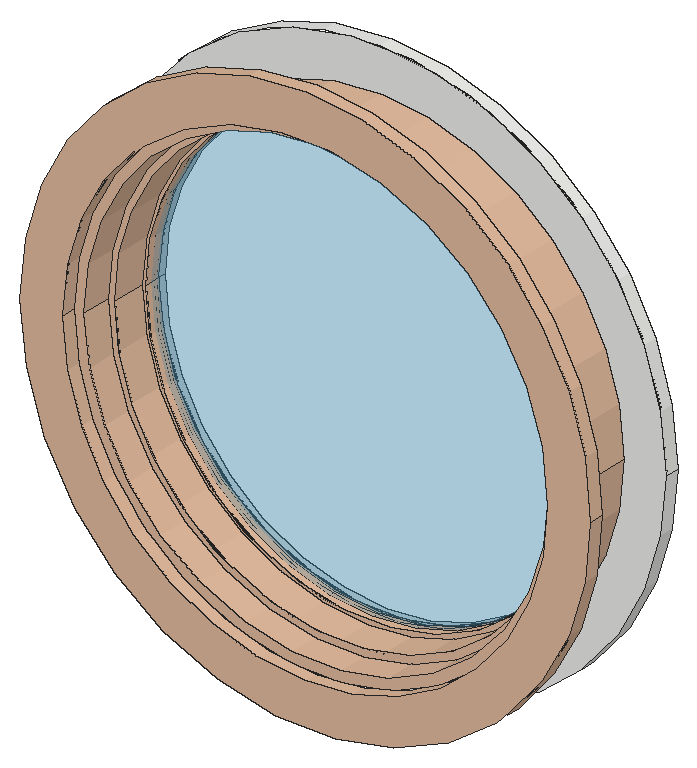
Revit family "M_Janela-fixa-redonda", category Janelas, Revit 2019
Family settings
  Hospedeiro = Parede
  Número OmniClass = 23.30.20.17.11
  Título OmniClass = Fixed Windows
  Sempre na vertical = Sim
  Corte com vazios quando carregada = Não
  Compartilhado = Não
  Ponto de cálculo do ambiente = Não
Parameters (values of type "Diâmetro de 900 mm")
  Janela aplicada [instance] = 0 mm
  Espessura da parede [instance] = 150 mm
  Visual Light Transmittance = 0.81
  Resistência térmica (R) = 0.319569 (m²·K)/W
  Solar Heat Gain Coefficient = 0.76
  Rough Width = Width + 15 mm  # 915 mm
  Rough Height = Height + 15 mm  # 915 mm
  Fechamento da parede interior [instance] = 54.75 mm
  Material da apara interior = Madeira – Manchada
  Raio do vidro = Height / 2 - 38.1 mm  # 411.9 mm
  Raio da moldura = Height / 2 - 12.7 mm  # 437.3 mm
  Visibilidade do recorte interior [instance] = yes
  Recorte interior = M_Moldura-janela-interior-plana-redonda : Quadro
  Material da moldura interior = Madeira – Manchada
  Meia altura = Height / 2  # 450 mm
  Height = 900 mm
  Coeficiente de transferência de calor (U) = 3.12929 W/(m²·K)
  Material do painel de vidro = Vidro
  Extensão do quadro [instance] = if(Visibilidade da apara externa, Janela aplicada + 6.35 mm, 6.35 mm)  # 6.35 mm
  Classificação de incêndio = "0.5h"
  Fechamento da parede externa [instance] = 31.75 mm
  Visibilidade da apara externa [instance] = yes
  Material da apara externa = Revestimento – Branco
  Apara externa = M_Moldura-janela-exterior-plana-redonda : Quadro
  Material da moldura exterior = Revestimento – Branco
  Visibilidade do umbral da extensão [instance] = and(Visibilidade do recorte interior, Espessura da parede - Janela aplicada > 95.25 mm)  # yes
  Umbral da extensão [instance] = if(Espessura da parede - Janela aplicada > 95.25 mm, Espessura da parede - Janela aplicada - 95.25 mm, 25.4 mm)  # 54.75 mm
  Diâmetro = Width  # 900 mm
  Altura-padrão do peitoril = 900 mm
  Fechamento da parede = Por hospedeiro
  Width = Height  # 900 mm
  Código de montagem = "B2020100"
  Construção analítica = "Vidraça dupla – residencial"
Types (7, lengths in mm): name | Rough Width | Rough Height | Raio do vidro | Raio da moldura | Meia altura | Height | Diâmetro | Width
  (no name) | 915 | 915 | 411.9 | 437.3 | 450 | 900 | 900 | 900
  Diâmetro de 1200 mm | 1215 | 1215 | 561.9 | 587.3 | 600 | 1200 | 1200 | 1200
  300 mm Diâmetro | 315 | 315 | 111.9 | 137.3 | 150 | 300 | 300 | 300
  600 mm Diâmetro | 615 | 615 | 261.9 | 287.3 | 300 | 600 | 600 | 600
  Diâmetro de 900 mm | 915 | 915 | 411.9 | 437.3 | 450 | 900 | 900 | 900
  Diâmetro de 1500 mm | 1515 | 1515 | 711.9 | 737.3 | 750 | 1500 | 1500 | 1500
  Diâmetro de 1800 mm | 1815 | 1815 | 861.9 | 887.3 | 900 | 1800 | 1800 | 1800
Reference planes
  plane 1 "Centro (Frente/Trás)": y = 0
  plane 2 "Centro (Esquerda/Direita)": x = 0
  plane 3 "Esquerda": x = -450
  plane 4 "Direita": x = 450
  plane 5 "Peitoril": z = 900
  plane 6 "Superior": z = 1800
  plane 7 "Exterior": y = 75
  plane 8 "Interior": y = -75
  plane 9: z = 0
  plane 10 "Meio": z = 1350
  plane 11: y = -94.05
  plane 12 "Inset Face": y = 75
  plane 13 "Face do caixilho": y = 87.7
  plane 14: y = 68.65
  plane 15: z = 1787.3
  plane 16: z = 1768.25
  plane 17: y = 55.95
  plane 18 "Vidro": y = 65.475
  plane 19: z = 1761.9
  plane 20 "Umbral": y = -20.25
  plane 21: y = 62.3
  plane 22: z = 1780.95
  plane 23: z = 838.2
  plane 24: z = 927.1
  plane 25: y = 38.1
  plane 26: z = 952.5
  plane 27 "Fechamento da parede": y = -20.25
  plane 28: y = 94.05
  plane 29: y = 43.25
  plane 30: y = -20.25
  plane 31: y = -20.25
  plane 32: y = 43.25
  plane 33: y = 94.05
Forms (mm)
  Sweep 1, solid, material "Revestimento – Branco" <- "Material da moldura exterior"
    path origin (0, 87.7, 0) x (-1, 0, 0) y (0, 0, 1)
      loop
        circle (0, 1350) r 437.3
    profile origin (0, 87.7, 1787.3) x (0, 0, -1) y (0, 1, 0)
      loop
        line (0, 0) -> (0, -12.7) -> (25.4, -12.7) -> (25.4, 0) -> (0, 0)
  Extrusion 2, solid, material "Vidro" <- "Material do painel de vidro"
    sketch origin (0, 87.7, 0) x (-1, 0, 0) y (0, 0, 1)
      loop
        circle (0, 1350) r 411.9
    from -19.05 to -12.7
  Sweep 3, solid, material "Madeira – Manchada" <- "Material da moldura interior"
    path origin (0, 87.7, 0) x (-1, 0, 0) y (0, 0, 1)
      loop
        circle (0, 1350) r 450
    profile origin (0, 87.7, 1800) x (0, 0, -1) y (0, 1, 0)
      loop
        line (12.7, 6.35) -> (0, 6.35) -> (0, -107.95) -> (31.75, -107.95) -> (31.75, -44.45) -> (12.7, -44.45) -> (12.7, 6.35)
  Sweep 4, solid, material "Madeira – Manchada" <- "Material da moldura interior", visible <- "Visibilidade do umbral da extensão"
    path origin (0, 0, 0) x (1, 0, 0) y (0, 0, 1)
      loop
        circle (0, 1350) r 450
    profile origin (0, 0, 1800) x (0, 0, -1) y (0, -1, 0)
      loop
        line (0, 75) -> (0, 20.25) -> (19.05, 20.25) -> (19.05, 75) -> (0, 75)
  Extrusion 5, solid, material "Vidro" <- "Material do painel de vidro"
    sketch origin (0, 87.7, 0) x (-1, 0, 0) y (0, 0, 1)
      loop
        circle (0, 1350) r 411.9
    from -31.75 to -25.4
  Sweep 6, solid, material "Madeira – Manchada" <- "Material da moldura interior"
    path origin (0, 87.7, 0) x (-1, 0, 0) y (0, 0, 1)
      loop
        circle (0, 1350) r 437.3
    profile origin (0, 87.7, 1787.3) x (0, 0, -1) y (0, 1, 0)
      loop
        line (25.4, -12.7) -> (0, -12.7) -> (0, -44.45) -> (25.4, -44.45) -> (25.4, -12.7)
Lines and regions (mm)
  Opening 1
    outline origin (-2286, -75, 0) x (1, 0, 0) y (0, 0, 1)
      loop
        circle (2286, 1350) r 450
Text (mm)
  text "EXTERIOR" at (-1530.43, 596.289, 0), in view "Nível de referência"
  text "INTERIOR" at (-1511.987, -438.832, 0), in view "Nível de referência"
  text "Exterior" at (0, 1201.356, 3131.804), in view "Esquerda"
  text "Exterior" at (0, 488.094, 3355.642), in view "Direita"
Dimensions and locks
  equal spacing: plane 3 "Esquerda", plane 2 "Centro (Esquerda/Direita)", plane 4 "Direita"
  "Width": plane 3 "Esquerda" to plane 4 "Direita"
  "Height": plane 5 "Peitoril" to plane 6 "Superior"
  "Altura-padrão do peitoril": level to plane 5 "Peitoril"
  "Espessura da parede": host wall to host wall
  locked: level to plane 9
  "Meia altura": plane 5 "Peitoril" to plane 10 "Meio"
  level to host wall = 3779.392 mm
  locked: plane 13 "Face do caixilho" to plane 12 "Inset Face" at 12.7
  locked: plane 15 to plane 6 "Superior" at 12.7
  locked: plane 16 to plane 6 "Superior" at 31.75
  locked: plane 12 "Inset Face" to plane 17 at 19.05
  equal spacing: plane 12 "Inset Face", plane 18 "Vidro", plane 17, locked at 9.525 each
  plane 12 "Inset Face" to plane 17 = 19.05 mm
  locked: plane 15 to plane 19 at 25.4
  "Umbral da extensão": plane 20 "Umbral" to plane 8 "Interior"
  locked: plane 8 "Interior" to plane 11 at 19.05
  locked: plane 12 "Inset Face" to plane 14 at 6.35
  locked: plane 21 to plane 17 at 6.35
  locked: plane 22 to plane 6 "Superior" at 19.05
  locked: plane 24 to plane 26 at 25.4
  locked: plane 28 to plane 7 "Exterior" at 19.05
  "Janela aplicada": plane 7 "Exterior" to plane 12 "Inset Face"
  locked: plane 12 "Inset Face" to plane 29 at 31.75
  locked: plane 29 to plane 30 at 63.5
  "Fechamento da parede interior": plane 31 to plane 8 "Interior"
  "Fechamento da parede externa": plane 7 "Exterior" to plane 32
  "Extensão do quadro": plane 33 to plane 13 "Face do caixilho"
  "Height": diameter of Opening 1 sketch curve
  "Raio da moldura": radius of Sweep 1 sketch curve
  "Raio do vidro": radius of Extrusion 2 sketch curve
  "Meia altura": radius of Sweep 3 sketch curve
  "Meia altura": radius of Sweep 4 sketch curve
  "Raio do vidro": radius of Extrusion 5 sketch curve
  "Raio da moldura": radius of Sweep 6 sketch curve
  aligned and locked: plane 2 "Centro (Esquerda/Direita)" to Opening 1 sketch curve
  aligned and locked: plane 10 "Meio" to Opening 1 sketch curve
  aligned and locked: plane 10 "Meio" to Sweep 1 sketch curve
  aligned and locked: plane 13 "Face do caixilho" to Sweep 1
  aligned and locked: host wall to plane 8 "Interior"
  aligned and locked: plane 10 "Meio" to Extrusion 2 sketch curve
  aligned and locked: plane 14 to Extrusion 2
  aligned and locked: plane 12 "Inset Face" to Extrusion 2
  aligned and locked: plane 10 "Meio" to Sweep 3 sketch curve
  aligned and locked: plane 10 "Meio" to Sweep 4 sketch curve
  aligned and locked: plane 20 "Umbral" to Sweep 4 sketch curve
  aligned and locked: Sweep 4 sketch curve to plane 8 "Interior"
  aligned and locked: Sweep 4 sketch curve to plane 6 "Superior"
  aligned and locked: plane 21 to Extrusion 5
  aligned and locked: Extrusion 5 to plane 17
  aligned and locked: profile plane to Sweep 1 sketch curve
  aligned and locked: Sweep 1 sketch curve to profile plane
  aligned and locked: plane 12 "Inset Face" to Sweep 1 sketch curve
  aligned and locked: plane 19 to Sweep 1 sketch curve
  aligned and locked: plane 2 "Centro (Esquerda/Direita)" to Sweep 6 sketch curve
  aligned and locked: plane 10 "Meio" to Sweep 6 sketch curve
  aligned and locked: host wall to plane 7 "Exterior"
  aligned and locked: Sweep 6 sketch curve to plane 12 "Inset Face"
  aligned and locked: Sweep 6 sketch curve to plane 15
  aligned and locked: plane 29 to Sweep 6 sketch curve
  aligned and locked: plane 19 to Sweep 6 sketch curve
  aligned and locked: Sweep 3 sketch curve to plane 29
  aligned and locked: plane 6 "Superior" to Sweep 3 sketch curve
  aligned and locked: plane 30 to Sweep 3 sketch curve
  aligned and locked: plane 16 to Sweep 3 sketch curve
  aligned and locked: nested 1 to host wall
  aligned and locked: host wall to plane 1 "Centro (Frente/Trás)"
  aligned and locked: plane 27 "Fechamento da parede" to plane 30
  aligned and locked: nested 1 to plane 6 "Superior"
  aligned and locked: plane 6 "Superior" to nested 2
  aligned and locked: nested 2 to plane 2 "Centro (Esquerda/Direita)"
  aligned and locked: plane 6 "Superior" to nested 3
  aligned and locked: plane 2 "Centro (Esquerda/Direita)" to nested 3
  aligned and locked: plane 33 to Sweep 3 sketch curve
Automatic sketch dimensions
  Sweep 4 sketch curve to Sweep 4 sketch curve = 19.05 mm
  Sweep 3 sketch curve to profile plane = 12.7 mm
  Sweep 1 sketch curve to plane 2 "Centro (Esquerda/Direita)" = 0 mm
  Extrusion 2 sketch curve to plane 2 "Centro (Esquerda/Direita)" = 0 mm
  Sweep 3 sketch curve to plane 2 "Centro (Esquerda/Direita)" = 0 mm
  Sweep 4 sketch curve to plane 2 "Centro (Esquerda/Direita)" = 0 mm
  Extrusion 5 sketch curve to plane 2 "Centro (Esquerda/Direita)" = 0 mm
  Extrusion 5 sketch curve to plane 10 "Meio" = 0 mm
Nested families
  nested 1: "M_Plana-fixa" at (0, 75, 900), Width <- "Width", Espessura da parede <- "Espessura da parede", Janela aplicada <- "Janela aplicada", Height <- "Height", type "M_Plana-fixa"
    with Janela aplicada de 3D 0 mm, Janela aplicada 0 mm, Width 900 mm, Espessura da parede 150 mm, Height 900 mm
  nested 2: "M_Moldura-janela-exterior-plana-redonda" at (0, 75, 1800) x (-1, 0, 0) z (0, 1, 0), visible <- "Visibilidade da apara externa", Material da apara <- "Material da apara externa", Altura da abertura <- "Height", type <- "Apara externa", type "Quadro"
    with Material da apara Revestimento – Branco, Largura da abertura 900 mm, Altura da abertura 900 mm, Diâmetro 900 mm
  nested 3: "M_Moldura-janela-interior-plana-redonda" at (0, -75, 1800) x (1, 0, 0) z (0, -1, 0), visible <- "Visibilidade do recorte interior", Material da apara <- "Material da apara interior", Altura da abertura <- "Height", type <- "Recorte interior", type "Quadro"
    with Material da apara Madeira – Manchada, Largura da abertura 900 mm, Altura da abertura 900 mm, Diâmetro 900 mm
Definition of nested family "M_Moldura-janela-exterior-plana-redonda"
  Parameters (values of type "Quadro")
    Espessura da apara = 25 mm
    Largura da apara = 80 mm
    Material da apara [instance] = none
    Largura da abertura [instance] = Altura da abertura  # 600 mm
    Altura da abertura [instance] = 600 mm
    Diâmetro [instance] = Altura da abertura  # 600 mm
    Default Elevation = 1200 mm
  Reference planes
    plane 1 "Centro (Frente/Trás)": y = 0
    plane 2: z = 0
    plane 3 "Centro (Esquerda/Direita)": x = 0
    plane 4 "Esquerda": x = -300
    plane 5 "Direita": x = 300
    plane 6: y = -600
    plane 7: z = 19.05
    plane 8: z = 25
    plane 9: z = 12.7
    plane 10: y = -300
    plane 11: z = 25
  Forms (mm)
    Extrusion 1, solid
      sketch origin (0, 19.05, 0) x (1, 0, 0) y (0, 1, 0)
        loop
          line (-939.8, 590.55) -> (-939.8, -1101.818) -> (951.347, -1101.818) -> (951.347, 590.55) -> (-939.8, 590.55)
      from 0 to -304.8
    Extrusion 2, solid, material <- "Material da apara"
      sketch origin (0, 0, 0) x (1, 0, 0) y (0, 1, 0)
        loop
          circle (0, -300) r 300
        loop
          circle (0, -300) r 380
      from 0 to 25
  Dimensions and locks
    equal spacing: plane 4 "Esquerda", plane 3 "Centro (Esquerda/Direita)", plane 5 "Direita"
    "Largura da abertura": plane 4 "Esquerda" to plane 5 "Direita"
    locked: plane 7 to plane 2 at 19.05
    "Espessura da apara": plane 8 to plane 2
    "Altura da abertura": plane 6 to plane 1 "Centro (Frente/Trás)"
    "Largura da apara": plane 5 "Direita" to Extrusion 2 sketch curve
    "Espessura da apara": plane 11 to level
    equal spacing: plane 6, plane 10, plane 1 "Centro (Frente/Trás)"
    "Diâmetro": diameter of Extrusion 2 sketch curve
    aligned and locked: plane 2 to Extrusion 1
    aligned and locked: level to Extrusion 1
    aligned and locked: plane 10 to Extrusion 2 sketch curve  (x2)
    aligned and locked: plane 3 "Centro (Esquerda/Direita)" to Extrusion 2 sketch curve
    aligned and locked: plane 11 to Extrusion 2
  Automatic sketch dimensions
    Extrusion 1 sketch curve to Extrusion 1 sketch curve = 1891.147 mm
    Extrusion 1 sketch curve to Extrusion 1 sketch curve = 1692.368 mm
    Extrusion 2 sketch curve to Extrusion 2 sketch curve = 0 mm
Definition of nested family "M_Moldura-janela-interior-plana-redonda"
  Parameters (values of type "Quadro")
    Espessura da apara = 25 mm
    Largura da apara = 80 mm
    Material da apara [instance] = none
    Largura da abertura [instance] = Altura da abertura  # 600 mm
    Altura da abertura [instance] = 600 mm
    Diâmetro [instance] = Altura da abertura  # 600 mm
    Default Elevation = 1200 mm
  Reference planes
    plane 1 "Centro (Frente/Trás)": y = 0
    plane 2: z = 0
    plane 3 "Centro (Esquerda/Direita)": x = 0
    plane 4 "Esquerda": x = -300
    plane 5 "Direita": x = 300
    plane 6: y = -600
    plane 7: z = 19.05
    plane 8: z = 25
    plane 9: z = 12.7
    plane 10: y = -300
    plane 11: z = 25
  Forms (mm)
    Extrusion 1, solid
      sketch origin (0, 19.05, 0) x (1, 0, 0) y (0, 1, 0)
        loop
          line (-939.8, 590.55) -> (-939.8, -1101.818) -> (951.347, -1101.818) -> (951.347, 590.55) -> (-939.8, 590.55)
      from 0 to -304.8
    Extrusion 2, solid, material <- "Material da apara"
      sketch origin (0, 0, 0) x (1, 0, 0) y (0, 1, 0)
        loop
          circle (0, -300) r 300
        loop
          circle (0, -300) r 380
      from 0 to 25
  Dimensions and locks
    equal spacing: plane 4 "Esquerda", plane 3 "Centro (Esquerda/Direita)", plane 5 "Direita"
    "Largura da abertura": plane 4 "Esquerda" to plane 5 "Direita"
    locked: plane 7 to plane 2 at 19.05
    "Espessura da apara": plane 8 to plane 2
    equal spacing: plane 6, plane 10, plane 1 "Centro (Frente/Trás)"
    "Altura da abertura": plane 6 to plane 1 "Centro (Frente/Trás)"
    "Espessura da apara": plane 11 to level
    "Largura da apara": plane 5 "Direita" to Extrusion 2 sketch curve
    "Diâmetro": diameter of Extrusion 2 sketch curve
    aligned and locked: plane 2 to Extrusion 1
    aligned and locked: level to Extrusion 1
    aligned and locked: plane 10 to Extrusion 2 sketch curve  (x2)
    aligned and locked: plane 3 "Centro (Esquerda/Direita)" to Extrusion 2 sketch curve
    aligned and locked: plane 11 to Extrusion 2
  Automatic sketch dimensions
    Extrusion 1 sketch curve to Extrusion 1 sketch curve = 1891.147 mm
    Extrusion 1 sketch curve to Extrusion 1 sketch curve = 1692.368 mm
    Extrusion 2 sketch curve to Extrusion 2 sketch curve = 0 mm
Definition of nested family "M_Plana-fixa"
  Parameters (values of type "M_Plana-fixa")
    Janela aplicada [instance] = 25 mm
    Janela aplicada de 3D [instance] = if(Janela aplicada - 12.7 mm < 0 mm, 0 mm, if(Janela aplicada - 12.7 mm < Espessura da parede - 88.9 mm, Janela aplicada - 12.7 mm, Espessura da parede - 88.9 mm))  # 12.3 mm
    Width [instance] = 1200 mm
    Espessura da parede [instance] = 150 mm
    Height [instance] = 900 mm
    Default Elevation = 1200 mm
    Analytic Construction = "<Nenhum>"
  Reference planes
    plane 1 "Centro (Frente/Trás)": y = 0
    plane 2: z = 0
    plane 3 "Centro (Esquerda/Direita)": x = 0
    plane 4: x = -600
    plane 5: x = 600
    plane 6 "Umbral": y = -101.2
    plane 7: x = -587.3
    plane 8: x = -568.25
    plane 9: y = -12.3
    plane 10: y = -56.75
    plane 11: y = -34.525
    plane 12: x = -561.9
    plane 13: x = 587.3
    plane 14: x = 568.25
    plane 15: x = 561.9
    plane 16 "Janela aplicada": y = -25
    plane 17 "Parede": y = -150
    plane 18: z = 900
    plane 19: z = 887.3
    plane 20: z = 12.7
    plane 21: z = 868.25
    plane 22: z = 31.75
    plane 23: z = 861.9
    plane 24: z = 38.1
  Lines and regions (mm)
    Masking region 1
      outline origin (0, 19.05, 0) x (1, 0, 0) y (0, 1, 0)
        loop
          line (-600, -169.05) -> (600, -169.05) -> (600, -19.05) -> (-600, -19.05) -> (-600, -169.05)
    Masking region 2
      outline origin (0, 0, 0) x (0, 1, 0) y (0, 0, 1)
        loop
          line (-150, 900) -> (-150, 0) -> (0, 0) -> (0, 900) -> (-150, 900)
    symbolic lines
      curve 1: line (-587.3, -56.75, 0) -> (-568.25, -56.75, 0)
      curve 2: line (-568.25, -56.75, 0) -> (-568.25, -101.2, 0)
      curve 3: line (-587.3, -12.3, 0) -> (-587.3, -56.75, 0)
      curve 4: line (-600, -12.3, 0) -> (-561.9, -12.3, 0)
      curve 5: line (-561.9, -12.3, 0) -> (-561.9, -56.75, 0)
      curve 6: line (-561.9, -56.75, 0) -> (-568.25, -56.75, 0)
      curve 7: line (-561.9, -34.525, 0) -> (561.9, -34.525, 0)
      curve 8: line (587.3, -56.75, 0) -> (568.25, -56.75, 0)
      curve 9: line (568.25, -56.75, 0) -> (568.25, -101.2, 0)
      curve 10: line (587.3, -12.3, 0) -> (587.3, -56.75, 0)
      curve 11: line (561.9, -12.3, 0) -> (561.9, -56.75, 0)
      curve 12: line (561.9, -56.75, 0) -> (568.25, -56.75, 0)
      curve 13: line (-600, -101.2, 0) -> (-568.25, -101.2, 0)
      curve 14: line (568.25, -101.2, 0) -> (600, -101.2, 0)
      curve 15: line (0, -12.3, 887.3) -> (0, -56.75, 887.3)
      curve 16: line (0, -56.75, 868.25) -> (0, -101.2, 868.25)
      curve 17: line (0, -101.2, 0) -> (0, -101.2, 31.75)
      curve 18: line (0, -12.3, 12.7) -> (0, -56.75, 12.7)
      curve 19: line (0, -56.75, 12.7) -> (0, -56.75, 38.1)
      curve 20: line (0, -56.75, 31.75) -> (0, -101.2, 31.75)
      curve 21: line (0, -12.3, 900) -> (0, -12.3, 861.9)
      curve 22: line (0, -12.3, 861.9) -> (0, -56.75, 861.9)
      curve 23: line (0, -56.75, 38.1) -> (0, -12.3, 38.1)
      curve 24: line (0, -34.525, 38.1) -> (0, -34.525, 861.9)
      curve 25: line (0, -56.75, 887.3) -> (0, -56.75, 861.9)
      curve 26: line (561.9, -12.3, 0) -> (600, -12.3, 0)
      curve 27: line (0, -101.2, 868.25) -> (0, -101.2, 900)
      curve 28: line (0, -12.3, 38.1) -> (0, -12.3, 0)
      curve 29: line (-561.9, -12.3, 0) -> (561.9, -12.3, 0)
      curve 30: line (568.25, -101.2, 0) -> (-568.25, -101.2, 0)
      curve 31: line (0, -12.3, 861.9) -> (0, -12.3, 38.1)
      curve 32: line (0, -101.2, 31.75) -> (0, -101.2, 868.25)
  Dimensions and locks
    "Width": plane 4 to plane 5
    equal spacing: plane 4, plane 3 "Centro (Esquerda/Direita)", plane 5
    plane 4 to plane 7 to plane 8 = 12.7 mm locked, 19.05 mm locked
    equal spacing: plane 9, plane 11, plane 10
    plane 5 to plane 13 to plane 14 = 12.7 mm locked, 19.05 mm locked
    locked: plane 9 to plane 16 "Janela aplicada" at 12.7
    locked: plane 9 to plane 10 at 44.45
    "Espessura da parede": plane 17 "Parede" to plane 1 "Centro (Frente/Trás)"
    "Height": plane 18 to plane 2
    locked: plane 18 to plane 19 at 12.7
    locked: plane 20 to plane 2 at 12.7
    locked: plane 19 to plane 21 at 19.05
    locked: plane 22 to plane 20 at 19.05
    locked: plane 10 to plane 6 "Umbral" at 44.45
    "Janela aplicada de 3D": plane 9 to plane 1 "Centro (Frente/Trás)"
    locked: plane 7 to plane 12 at 25.4
    locked: plane 15 to plane 13 at 25.4
    locked: plane 19 to plane 23 at 25.4
    locked: plane 24 to plane 20 at 25.4
    aligned and locked: plane 2 to level
    aligned and locked: curve 2 to plane 8
    aligned and locked: curve 1 to plane 10
    aligned and locked: plane 4 to Masking region 1 sketch curve
    aligned and locked: Masking region 1 sketch curve to plane 5
    aligned and locked: plane 14 to curve 9
    aligned and locked: Masking region 1 sketch curve to plane 17 "Parede"
    aligned and locked: curve 13 to plane 6 "Umbral"
    aligned and locked: curve 14 to plane 6 "Umbral"
    aligned and locked: plane 1 "Centro (Frente/Trás)" to Masking region 1 sketch curve
    aligned and locked: Masking region 2 sketch curve to plane 18
    aligned and locked: plane 17 "Parede" to Masking region 2 sketch curve
    aligned and locked: level to Masking region 2 sketch curve
    aligned and locked: plane 6 "Umbral" to curve 17
    aligned and locked: plane 21 to curve 16
    aligned and locked: plane 19 to curve 15
    aligned and locked: plane 22 to curve 20
    aligned and locked: plane 10 to curve 19  (x2)
    aligned and locked: plane 20 to curve 18
    aligned and locked: curve 21 to plane 9
    aligned and locked: plane 23 to curve 22
    aligned and locked: curve 23 to plane 24
    aligned and locked: plane 11 to curve 24
    aligned and locked: plane 4 to curve 4
    aligned and locked: plane 5 to curve 26
    aligned and locked: plane 18 to curve 21
    aligned and locked: plane 9 to curve 15
    aligned and locked: plane 9 to curve 18
    aligned and locked: plane 2 to curve 28
    aligned and locked: plane 9 to curve 3
    aligned and locked: plane 9 to curve 10
    aligned and locked: curve 25 to plane 10
    aligned and locked: plane 19 to curve 25
    aligned and locked: plane 23 to curve 25
    aligned and locked: plane 2 to curve 17
    aligned and locked: curve 26 to plane 9
    aligned and locked: curve 4 to plane 9
    aligned and locked: curve 5 to plane 12
    aligned and locked: plane 15 to curve 11
    aligned and locked: curve 7 to plane 11
    aligned and locked: curve 12 to plane 10
    aligned and locked: plane 10 to curve 8
    aligned and locked: plane 6 "Umbral" to curve 27
  Automatic sketch dimensions
    Masking region 2 sketch curve to plane 1 "Centro (Frente/Trás)" = 0 mm
    curve 13 to plane 4 = 0 mm
    curve 3 to plane 7 = 0 mm
    curve 10 to plane 13 = 0 mm
    curve 14 to plane 5 = 0 mm
    curve 18 to plane 20 = 0 mm
    curve 27 to plane 18 = 0 mm
